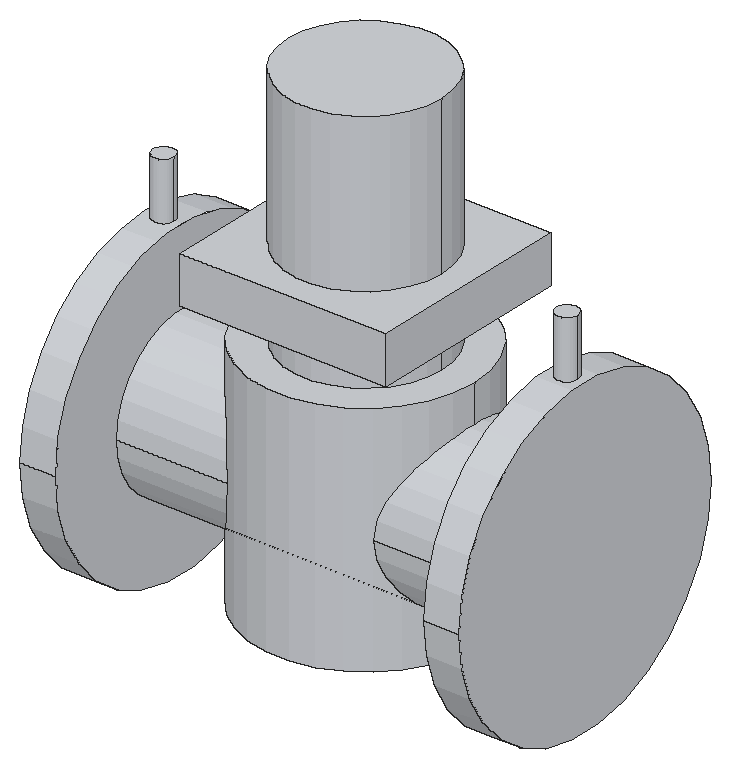
Revit family "PV_Compact_PN25_DN050_(50-200kPa)_RFA_2019", category Pipe Accessories, Revit 2019
Family settings
  Round Connector Dimension = Use Diameter
  Part Type = Valve - Breaks Into
  Work Plane-Based = No
  Always vertical = Yes
  Cut with Voids When Loaded = No
  Shared = No
Parameters (values of type "PV Compact PN25 DN050 (50-200kPa)")
  magiProductId = "08a421d9482846e584fc1251b4b528"
  magiProductFamilyId = "1af2f5f7761a4c5f850eea414834fa"
  magiPartTypeId = 304
  isMeasuringValve [instance] = no
  ang2D [instance] = 0.00°
  W2D = 50 mm
  VersionID = "2.0/2018.12.13.2/FRESE_PV_COMPACT_BIG_Q13_001"
  Use Minimum Symbol Size [instance] = no
  URL = "www.hydronic.cz"
  Type Comments = "PŘÍRUBOVÝ; PN25; dpmax=1000kPa; -10~+120°C"
  R4 = 40.25 mm
  R3 = 42.9 mm
  R1 = 57.5 mm
  QmdConnectorList = "301;D;302;D"
  Productdata [instance] = ""
  Manufacturer = "Hydronic Systems Prague s.r.o."
  Maintenance Zone Under Depth [instance] = 100 mm
  Maintenance Zone Right Depth [instance] = 100 mm
  Maintenance Zone Over Depth [instance] = 100 mm
  Maintenance Zone Left Depth [instance] = 100 mm
  Maintenance Zone Front Depth [instance] = 100 mm
  Maintenance Zone Back Depth [instance] = 100 mm
  Maintenance Zone Front Visibility [instance] = no
  MC Use Limits From Balancing Method = no
  MC Throttling Minimum Value = 0
  MC Throttling Maximum Value = 0
  MC Product Code = "53-3321 DN050 PN25; nastavitelný rozsah dp=20~100kPa; Q=5,1~20,5 m3/h;  kvs=29"
  MC Pressure Drop Minimum Value = 0.0 Pa
  MC Pressure Drop Maximum Value = 0.0 Pa
  MC Piping Given Pressure Drop [instance] = 0.0 Pa
  LF__ve = -LF  # -18.4 mm
  LF2 = 9.2 mm
  LF = 18.4 mm
  L4 = 108.1 mm
  L3 = 193.2 mm
  L2D_Min = 30.48 mm
  L2D = 230 mm
  L2 = 115 mm
  H6 = 82.25 mm
  H4 = 24.75 mm
  H3 = 20.625 mm
  H2 = 61.875 mm
  H1 = 123.75 mm
  Description = "Nastavitelný regulátor tlakové diference"
  DF2 = 82.5 mm
  D = 50 mm
  Clearance Zone Height Depth [instance] = 100 mm
  Clearance Zone Circular Radius [instance] = 115 mm
  Clearance Zone Visibility [instance] = no
  CAT0 = yes
Types (4, lengths in mm): name | magiProductId | R4 | R3 | R1 | MC Product Code | LF__ve | LF2 | LF | L4 | L3 | L2 | H6 | H4 | H3 | H2 | H1 | DF2 | D | Clearance Zone Circular Radius
  PV Compact PN25 DN050 (50-200kPa) | "08a421d9482846e584fc1251b4b528" | 40.25 | 42.9 | 57.5 | "53-3321 DN050 PN25; nastavitelný rozsah dp=20~100kPa; Q=5,1~20,5 m3/h;  kvs=29" | -18.4 | 9.2 | 18.4 | 108.1 | 193.2 | 115 | 82.25 | 24.75 | 20.625 | 61.875 | 123.75 | 82.5 | 50 | 115
  PV Compact PN25 DN065 (50-200kPa) | "3326a2f4bd724a059fd12b24a48407" | 50.75 | 48.1 | 72.5 | "53-3324 DN065 PN25; nastavitelný rozsah dp=20~100kPa; Q=7,4~29,7 m3/h;  kvs=42" | -23.2 | 11.6 | 23.2 | 136.3 | 243.6 | 145 | 105.25 | 27.75 | 23.125 | 69.375 | 138.75 | 92.5 | 65 | 145
  PV Compact PN25 DN080 (50-200kPa) | "aa373f4712fe4f789034ae13a1f456" | 54.25 | 52 | 77.5 | "53-3327 DN080 PN25; nastavitelný rozsah dp=20~100kPa; Q=11,7~47,4 m3/h;  kvs=67" | -24.8 | 12.4 | 24.8 | 145.7 | 260.4 | 155 | 141 | 30 | 25 | 75 | 150 | 100 | 80 | 155
  PV Compact PN25 DN100 (50-200kPa) | "7d735ad2cc7a4544b6e207f0b5dfca" | 61.25 | 61.1 | 87.5 | "53-3330 DN100 PN25; nastavitelný rozsah dp=20~100kPa; Q=20,3~81,3 m3/h;  kvs=115" | -28 | 14 | 28 | 164.5 | 294 | 175 | 234.75 | 35.25 | 29.375 | 88.125 | 176.25 | 117.5 | 100 | 175
Reference planes
  plane 1 "Center (Front/Back)": y = 0
  plane 2 "XYPLANE": z = 0
  plane 3 "Center (Left/Right)": x = 0
  plane 4 "257": y = -82.5
  plane 5 "256": y = 82.5
  plane 6 "255": z = -82.5
  plane 7 "254": y = -182.5
  plane 8 "253": y = 182.5
  plane 9 "252": x = -215
  plane 10 "251": x = 215
  plane 11 "250": z = 289.5
  plane 12 "249": z = -182.5
  plane 13 "248": z = 289.5
  plane 14 "247": z = 189.5
  plane 15 "157": x = 105.8
  plane 16 "156": x = -105.8
  plane 17 "155": z = 82.5
  plane 18 "154": z = 107.25
  plane 19 "153": z = 82.5
  plane 20 "152": z = 61.875
  plane 21 "151": x = -96.6
  plane 22 "150": z = -61.875
  plane 23 "149": x = 0
  plane 24 "148": y = 0
  plane 25 "147": z = 0
  plane 26 "146": x = -115
  plane 27 "145": x = 115
Forms (mm)
  Blend 1, solid, visible <- "Maintenance Zone Front Visibility"
    base sketch origin (-750, 0, -182.5) x (1, 0, 0) y (0, 1, 0)
      loop
        line (535, 182.5) -> (535, -182.5) -> (965, -182.5) -> (965, 182.5) -> (535, 182.5)
    top sketch origin (-750, 0, -182.5) x (1, 0, 0) y (0, 1, 0)
      loop
        line (535, 182.5) -> (535, -182.5) -> (965, -182.5) -> (965, 182.5) -> (535, 182.5)
    from 0 to 472
  Blend 2, solid, visible <- "Clearance Zone Visibility"
    base sketch origin (-750, 0, 0) x (1, 0, 0) y (0, 1, 0)
      loop
        circle (750, 0) r 115
    top sketch origin (-750, 0, 0) x (1, 0, 0) y (0, 1, 0)
      loop
        circle (750, 0) r 115
    from 0 to 289.5
  Extrusion 3, solid, visible <- "CAT0"
    sketch origin (-750, 0, 82.5) x (1, 0, 0) y (0, 1, 0)
      loop
        circle (855.8, 0) r 5.5
    from 0 to 30
  Extrusion 4, solid, visible <- "CAT0"
    sketch origin (-750, 0, 82.5) x (1, 0, 0) y (0, 1, 0)
      loop
        circle (644.2, 0) r 5.5
    from 0 to 30
  Extrusion 5, solid
    sketch origin (-750, 0, 107.25) x (1, 0, 0) y (0, 1, 0)
      loop
        circle (750, 0) r 40.25
    from 0 to 82.25 <- "H6"
  Extrusion 6, solid, visible <- "CAT0"
    sketch origin (-750, 0, 82.5) x (1, 0, 0) y (0, 1, 0)
      loop
        line (804.05, 54.05) -> (695.95, 54.05) -> (695.95, -54.05) -> (804.05, -54.05) -> (804.05, 54.05)
    from 0 to 24.75 <- "H4"
  Extrusion 7, solid, visible <- "CAT0"
    sketch origin (-750, 0, 61.875) x (1, 0, 0) y (0, 1, 0)
      loop
        circle (750, 0) r 40.25
    from 0 to 20.625 <- "H3"
  Extrusion 8, solid, visible <- "CAT0"
    sketch origin (-96.6, -750, 0) x (0, 1, 0) y (0, 0, 1)
      loop
        circle (750, 0) r 42.9
    from 0 to 193.2 <- "L3"
  Extrusion 9, solid, visible <- "CAT0"
    sketch origin (-750, 0, -61.875) x (1, 0, 0) y (0, 1, 0)
      loop
        circle (750, 0) r 57.5
    from 0 to 123.75 <- "H1"
  Extrusion 10, solid, visible <- "CAT0"
    sketch origin (-115, -750, 0) x (0, 1, 0) y (0, 0, 1)
      loop
        circle (750, 0) r 82.5
    from 0 to 18.4 <- "LF"
  Extrusion 11, solid, visible <- "CAT0"
    sketch origin (115, -750, 0) x (0, 1, 0) y (0, 0, 1)
      loop
        circle (750, 0) r 82.5
    from 0 to -18.4 <- "LF__ve"
  Extrusion 12, solid, not visible
    sketch origin (-115, -750, 0) x (0, 1, 0) y (0, 0, 1)
      loop
        circle (750, 0) r 10
    from 0 to 10
  Extrusion 13, solid, not visible
    sketch origin (115, -750, 0) x (0, 1, 0) y (0, 0, 1)
      loop
        circle (750, 0) r 10
    from 0 to -10
Lines and regions (mm)
  reference lines, not visible
    curve 1: circle (2, 2, 0) r 1 normal (0, 0, 1)
  reference lines
    curve 2: circle (0, 0, 82.5) r 1 normal (0, 0, 1)
Dimensions and locks
  plane 1 "Center (Front/Back)" to curve 1 = 2 mm
  "DF2": plane 24 "148" to plane 4 "257"
  "DF2": plane 24 "148" to plane 5 "256"
  "DF2": plane 25 "147" to plane 6 "255"
  "Maintenance Zone Front Depth": plane 4 "257" to plane 7 "254"
  "Maintenance Zone Back Depth": plane 5 "256" to plane 8 "253"
  "Maintenance Zone Left Depth": plane 26 "146" to plane 9 "252"
  "Maintenance Zone Right Depth": plane 27 "145" to plane 10 "251"
  "Maintenance Zone Over Depth": plane 14 "247" to plane 11 "250"
  "Maintenance Zone Under Depth": plane 6 "255" to plane 12 "249"
  "Clearance Zone Height Depth": plane 14 "247" to plane 13 "248"
  "H6": plane 18 "154" to plane 14 "247"
  "LF2": plane 27 "145" to plane 15 "157"
  "LF2": plane 26 "146" to plane 16 "156"
  "DF2": plane 2 "XYPLANE" to plane 17 "155"
  "H4": plane 19 "153" to plane 18 "154"
  "H3": plane 20 "152" to plane 19 "153"
  "H1": plane 22 "150" to plane 20 "152"
  "LF": plane 26 "146" to plane 21 "151"
  "H2": plane 2 "XYPLANE" to plane 22 "150"
  locked: plane 3 "Center (Left/Right)" to plane 23 "149"
  locked: plane 1 "Center (Front/Back)" to plane 24 "148"
  locked: plane 2 "XYPLANE" to plane 25 "147"
  "L2": plane 3 "Center (Left/Right)" to plane 26 "146"
  "L2": plane 3 "Center (Left/Right)" to plane 27 "145"
  Blend 1 sketch curve to Blend 1 sketch curve = 0 mm  (x16)
  equal spacing: Extrusion 6 sketch curve, curve 2, Extrusion 6 sketch curve  (x2)
  "L4": Extrusion 6 sketch curve to Extrusion 6 sketch curve  (x2)
  Extrusion 6 sketch curve to Extrusion 6 sketch curve = 0 mm  (x8)
  "Clearance Zone Circular Radius": radius of Blend 2 sketch curve  (x2)
  "R4": radius of Extrusion 5 sketch curve
  "R4": radius of Extrusion 7 sketch curve
  "R3": radius of Extrusion 8 sketch curve
  "R1": radius of Extrusion 9 sketch curve
  "DF2": radius of Extrusion 10 sketch curve
  "DF2": radius of Extrusion 11 sketch curve
  aligned and locked: level to plane 2 "XYPLANE"
  aligned and locked: Blend 1 sketch curve to plane 8 "253"  (x2)
  aligned and locked: plane 9 "252" to Blend 1 sketch curve  (x4)
  aligned and locked: plane 10 "251" to Blend 1 sketch curve  (x4)
  aligned and locked: plane 8 "253" to Blend 1 sketch curve  (x2)
  aligned and locked: plane 7 "254" to Blend 1 sketch curve  (x4)
  aligned and locked: plane 11 "250" to Blend 1
  aligned and locked: plane 23 "149" to Blend 2 sketch curve  (x2)
  aligned and locked: plane 24 "148" to Blend 2 sketch curve  (x2)
  aligned and locked: plane 13 "248" to Blend 2
  aligned and locked: plane 15 "157" to Extrusion 3 sketch curve
  aligned and locked: plane 24 "148" to Extrusion 3 sketch curve
  aligned and locked: plane 16 "156" to Extrusion 4 sketch curve
  aligned and locked: plane 24 "148" to Extrusion 4 sketch curve
  aligned and locked: plane 23 "149" to Extrusion 5 sketch curve
  aligned and locked: plane 24 "148" to Extrusion 5 sketch curve
  aligned and locked: plane 23 "149" to curve 2
  aligned and locked: plane 24 "148" to curve 2
  aligned and locked: plane 23 "149" to Extrusion 7 sketch curve
  aligned and locked: plane 24 "148" to Extrusion 7 sketch curve
  aligned and locked: Extrusion 8 sketch curve to plane 24 "148"
  aligned and locked: plane 25 "147" to Extrusion 8 sketch curve
  aligned and locked: plane 23 "149" to Extrusion 9 sketch curve
  aligned and locked: plane 24 "148" to Extrusion 9 sketch curve
  aligned and locked: Extrusion 10 sketch curve to plane 24 "148"
  aligned and locked: plane 25 "147" to Extrusion 10 sketch curve
  aligned and locked: Extrusion 11 sketch curve to plane 24 "148"
  aligned and locked: plane 25 "147" to Extrusion 11 sketch curve
  aligned and locked: Extrusion 12 sketch curve to plane 24 "148"
  aligned and locked: plane 25 "147" to Extrusion 12 sketch curve
  aligned and locked: Extrusion 13 sketch curve to plane 24 "148"
  aligned and locked: plane 25 "147" to Extrusion 13 sketch curve
Automatic sketch dimensions
  Extrusion 3 sketch curve to plane 15 "157" = 5.5 mm
  plane 26 "146" to Extrusion 4 sketch curve = 3.7 mm
  plane 1 "Center (Front/Back)" to Extrusion 12 sketch curve = 10 mm
  plane 1 "Center (Front/Back)" to Extrusion 13 sketch curve = 10 mm
  plane 3 "Center (Left/Right)" to curve 1 = 2 mm
  plane 21 "151" to Extrusion 6 sketch curve = 42.55 mm
  plane 4 "257" to Extrusion 6 sketch curve = 28.45 mm
  radius of curve 2 = 1 mm
  radius of curve 1 = 1 mm
Connectors
  piping at (-115, 0, 0), diameter 50, driven by "D"
    settings: on Extrusion 12, index 1, connector inside diameter 609.6 mm, connector length 0 mm, flow factor 0, pipe flow 0.0 L/s, pressure drop 0.0 Pa, fitting loss kfactor 0, connector angle 0.00°, fixture units 0, engagement length 0 mm, angle of deflection 0.00°, flow configuration 0, flow direction 0, fitting loss method 0, system type 29, joint type 0, gender type 0, connector reference index 2, connector utility 0, adjustable connector no, is connector primary yes, connector description ""
  piping at (115, 0, 0), diameter 50, driven by "D"
    settings: on Extrusion 13, index 2, connector inside diameter 609.6 mm, connector length 0 mm, flow factor 0, pipe flow 0.0 L/s, pressure drop 0.0 Pa, fitting loss kfactor 0, connector angle 0.00°, fixture units 0, engagement length 0 mm, angle of deflection 0.00°, flow configuration 0, flow direction 0, fitting loss method 0, system type 29, joint type 0, gender type 0, connector reference index 1, connector utility 0, adjustable connector no, is connector primary no, connector description ""
